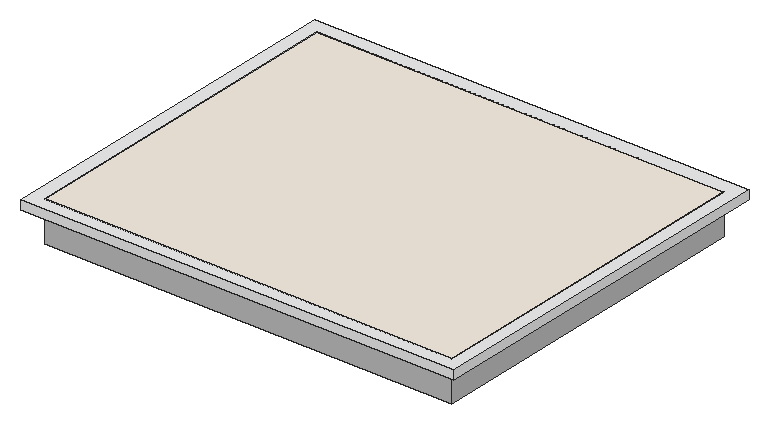
Revit family "Lighting-Industriale-GEWISS-ELIA-HL-LED_RIFLETTORE", category Apparecchi per illuminazione, host Superficie, Revit 2019 (continued)
Types (12, lengths in mm): name | Tensione | Scheda Tecnica | Potenza di sistema | Peso (kg): | Peso (kg) | Ottica | built-in parameter 1150142 | Lumen output (lm) | Modello | IDT | File diagramma fotometrico | Description
    8260.10 8264.93 8269.76 8272.98 8273.79 \r\n8273.79 8272.18 8268.15 8263.32 8256.08 8247.22 8236.76 \r\n8223.88 8209.39 8192.48 8173.97 8153.84 8130.50 8103.93 \r\n8076.56 8045.97 8013.77 7976.74 7938.91 7896.24 7850.36 \r\n7800.45 7745.71 7686.94 7622.54 7553.31 7478.45 7396.34 \r\n7308.59 7215.21 7115.39 7009.94 6898.85 6782.12 6658.15 \r\n6526.13 6379.62 6220.23 6046.35 5865.23 5686.52 5507.00 \r\n5329.10 5152.80 4978.92 4811.48 4649.68 4493.51 4342.17 \r\n4197.27 4062.03 3934.03 3810.87 3692.54 3576.62 3464.72 \r\n3349.61 3236.91 3126.62 3021.17 2921.35 2825.55 2729.76 \r\n2637.18 2547.83 2461.69 2378.78 2299.08 2219.39 2142.91 \r\n2068.05 1996.40 1926.37 1857.94 1790.32 1722.70 1655.08 \r\n1588.02 1522.01 1457.61 1395.63 1335.74 1277.86 1222.80 \r\n1170.95 1122.49 1077.90 1036.12 996.91 959.40 923.01 \r\n887.19 850.64 814.34 779.00 744.06 708.64 674.43 643.68 \r\n613.89 583.06 553.04 525.18 499.10 475.19 452.57 430.43 \r\n409.02 387.85 367.40 348.24 329.89 311.94 294.47 276.60 \r\n259.61 244.64 230.71 217.43 204.71 192.80 181.37 170.02 \r\n158.63 146.47 134.52 123.74 113.52 103.60 94.00 84.60 \r\n75.51 66.82 58.49 50.44 42.83 35.72 29.15 23.15 17.74 \r\n12.84 8.78 5.91 4.00 2.95 2.79 \r\n8062.88 8063.68 8065.29 8066.90 8069.32 8071.73 8075.76 \r\n8080.59 8085.42 8090.25 8096.69 8102.32 8109.57 8116.81 \r\n8125.67 8133.72 8140.96 8150.62 8159.48 8168.33 8177.99 \r\n8186.85 8196.51 8205.36 8214.22 8223.07 8231.93 8239.17 \r\n8246.42 8253.66 8260.10 8264.93 8269.76 8272.18 8274.59 \r\n8274.59 8272.98 8268.96 8264.13 8257.69 8249.64 8238.37 \r\n8227.10 8211.80 8195.70 8177.19 8157.06 8133.72 8108.76 \r\n8080.59 8050.00 8017.80 7982.38 7944.54 7902.68 7856.80 \r\n7807.69 7753.76 7695.80 7632.20 7563.78 7488.91 7408.41 \r\n7320.67 7228.90 7129.08 7023.62 6913.34 6797.42 6675.06 \r\n6541.43 6396.53 6237.94 6064.87 5884.55 5705.03 5524.71 \r\n5346.00 5168.90 4992.61 4820.34 4657.73 4501.56 4347.80 \r\n4202.10 4065.25 3935.64 3811.68 3694.14 3579.03 3466.33 \r\n3351.22 3237.71 3126.62 3019.56 2920.54 2824.74 2728.14 \r\n2633.96 2544.61 2458.47 2376.36 2296.67 2216.97 2140.49 \r\n2066.43 1993.99 1924.76 1857.13 1789.52 1721.90 1654.28 \r\n1587.22 1520.32 1455.04 1392.33 1332.11 1274.88 1220.62 \r\n1169.18 1120.80 1076.12 1034.34 994.90 957.23 920.60 \r\n884.53 848.07 811.84 776.42 741.40 706.23 672.34 641.99 \r\n612.61 581.69 551.67 523.81 497.81 473.98 451.61 429.63 \r\n408.14 386.96 366.52 347.60 329.41 311.62 294.07 276.03 \r\n258.97 244.08 230.39 217.19 204.47 192.56 181.04 169.53 \r\n157.99 145.85 134.01 123.37 113.28 103.37 93.75 84.36 \r\n75.29 66.65 58.37 50.37 42.78 35.69 29.12 23.14 17.73 \r\n12.87 8.82 5.95 4.04 2.97 2.80 \r\n8062.88 8063.68 8065.29 8066.90 8069.32 8071.73 8075.76 \r\n8080.59 8084.61 8090.25 8095.08 8102.32 8108.76 8116.81 \r\n8124.86 8132.91 8140.96 8149.82 8158.67 8168.33 8177.19 \r\n8186.85 8195.70 8205.36 8214.22 8222.27 8230.32 8238.37 \r\n8246.42 8252.86 8259.30 8264.93 8269.76 8272.98 8273.79 \r\n8274.59 8273.79 8269.76 8265.74 8259.30 8250.44 8240.78 \r\n8228.71 8214.22 8198.12 8180.41 8160.28 8137.74 8112.79 \r\n8085.42 8054.83 8022.63 7988.01 7950.18 7909.12 7864.85 \r\n7815.74 7761.81 7704.65 7642.67 7573.44 7500.18 7419.68 \r\n7333.55 7240.97 7141.96 7037.31 6927.83 6812.71 6689.55 \r\n6557.53 6412.63 6255.65 6083.38 5902.26 5721.94 5540.81 \r\n5362.10 5184.20 5004.68 4831.61 4665.78 4507.19 4353.44 \r\n4206.12 4068.47 3938.06 3813.29 3694.14 3579.84 3467.94 \r\n3352.83 3237.71 3125.82 3017.95 2918.93 2823.14 2726.54 \r\n2633.16 2542.99 2456.86 2373.95 2295.06 2215.36 2138.89 \r\n2064.83 1992.38 1923.95 1856.33 1789.52 1721.90 1654.28 \r\n1586.82 1519.12 1452.86 1389.51 1329.06 1272.38 1218.69 \r\n1167.65 1119.51 1074.76 1032.82 993.13 955.21 918.42 \r\n882.12 845.65 809.51 774.01 738.99 703.97 670.32 640.30 \r\n611.24 580.40 550.30 522.45 496.52 472.86 450.56 428.74 \r\n407.41 386.16 365.71 346.87 328.92 311.13 293.58 275.55 \r\n258.41 243.67 230.15 216.87 204.23 192.31 180.72 169.05 \r\n157.37 145.29 133.55 123.04 113.07 103.15 93.50 84.12 \r\n75.08 66.49 58.26 50.30 42.75 35.67 29.12 23.14 17.74 \r\n12.90 8.88 6.00 4.07 3.00 2.81 \r\n8062.88 8063.68 8065.29 8066.90 8069.32 8071.73 8075.76 \r\n8080.59 8084.61 8090.25 8095.08 8101.52 8108.76 8116.81 \r\n8124.06 8132.11 8140.96 8149.01 8157.87 8166.72 8176.38 \r\n8185.24 8195.70 8203.75 8212.61 8221.46 8230.32 8238.37 \r\n8244.81 8252.86 8258.49 8264.13 8268.96 8272.98 8273.79 \r\n8274.59 8273.79 8271.37 8265.74 8260.10 8252.05 8242.39 \r\n8230.32 8216.63 8200.53 8183.63 8164.31 8140.96 8116.01 \r\n8088.64 8058.85 8026.65 7992.84 7955.81 7914.76 7870.48 \r\n7822.18 7769.86 7712.70 7651.52 7583.90 7509.84 7430.15 \r\n7344.82 7253.05 7154.84 7050.99 6941.51 6826.40 6704.04 \r\n6572.82 6428.73 6273.36 6101.09 5920.77 5739.65 5557.72 \r\n5377.40 5198.69 5017.56 4840.46 4673.02 4513.63 4358.27 \r\n4210.15 4070.88 3939.67 3814.09 3694.14 3580.64 3468.75 \r\n3353.63 3237.71 3125.01 3017.14 2917.32 2822.33 2725.73 \r\n2631.55 2541.39 2455.25 2373.14 2293.45 2215.36 2138.89 \r\n2064.02 1992.38 1923.15 1856.33 1789.52 1721.90 1654.28 \r\n1586.82 1518.47 1451.42 1387.42 1326.72 1270.37 1217.32 \r\n1166.61 1118.63 1073.87 1031.69 991.68 953.52 916.33 \r\n879.95 843.48 807.33 771.67 736.58 701.80 668.47 638.69 \r\n609.79 579.12 549.09 521.40 495.40 471.89 449.59 427.86 \r\n406.69 385.35 364.91 346.23 328.36 310.65 293.10 275.07 \r\n257.84 243.19 229.83 216.63 204.07 192.07 180.40 168.65 \r\n156.81 144.80 133.20 122.79 112.89 102.97 93.28 83.91 \r\n74.90 66.35 58.16 50.24 42.72 35.68 29.13 23.14 17.75 \r\n12.94 8.94 6.05 4.11 3.02 2.82 \r\n8062.88 8063.68 8065.29 8066.90 8069.32 8071.73 8075.76 \r\n8080.59 8084.61 8090.25 8095.88 8101.52 8108.76 8116.81 \r\n8124.06 8132.11 8140.16 8149.01 8157.87 8166.72 8174.77 \r\n8185.24 8194.90 8203.75 8211.80 8221.46 8229.51 8237.56 \r\n8244.81 8252.05 8258.49 8263.32 8268.15 8272.18 8273.79 \r\n8274.59 8273.79 8271.37 8265.74 8260.91 8252.86 8242.39 \r\n8231.12 8218.24 8202.14 8186.04 8166.72 8143.38 8119.23 \r\n8091.86 8062.88 8032.29 7997.67 7960.64 7921.20 7876.92 \r\n7829.43 7777.10 7721.56 7659.57 7592.76 7519.50 7440.61 \r\n7355.28 7264.32 7166.91 7063.07 6954.39 6840.08 6718.53 \r\n6588.12 6445.63 6291.07 6120.41 5941.70 5757.36 5572.21 \r\n5390.28 5209.15 5027.22 4848.51 4681.07 4518.46 4362.29 \r\n4212.56 4072.49 3940.47 3814.09 3694.14 3577.42 3464.72 \r\n3348.80 3235.30 3124.21 3017.14 2918.13 2823.14 2727.34 \r\n2634.77 2545.41 2458.47 2375.56 2295.86 2216.97 2140.49 \r\n2066.43 1993.99 1925.56 1857.94 1791.13 1723.51 1655.08 \r\n1587.70 1518.87 1451.66 1388.14 1327.85 1271.10 1217.48 \r\n1166.85 1119.03 1074.11 1031.61 991.20 952.48 915.04 \r\n878.42 841.87 805.72 770.14 735.05 700.35 667.10 637.24 \r\n608.34 577.91 548.12 520.59 494.83 471.09 448.71 426.81 \r\n405.56 384.47 364.10 345.35 327.31 309.52 292.05 274.26 \r\n257.44 242.87 229.51 216.46 203.83 191.83 180.00 168.25 \r\n156.60 144.74 133.26 122.85 112.89 102.90 93.16 83.78 \r\n74.78 66.26 58.11 50.23 42.74 35.71 29.19 23.20 17.79 \r\n12.99 9.00 6.11 4.15 3.05 2.83 \r\n8062.88 8063.68 8065.29 8066.90 8069.32 8072.54 8074.95 \r\n8079.78 8084.61 8089.44 8095.08 8101.52 8107.96 8116.01 \r\n8123.25 8131.30 8140.16 8148.21 8157.06 8165.92 8174.77 \r\n8184.43 8194.09 8202.95 8211.00 8220.66 8228.71 8236.76 \r\n8244.00 8251.25 8257.69 8263.32 8267.35 8271.37 8272.98 \r\n8274.59 8273.79 8271.37 8266.54 8260.91 8253.66 8244.00 \r\n8232.73 8219.05 8203.75 8186.85 8168.33 8146.60 8121.64 \r\n8095.88 8066.90 8036.31 8002.50 7965.47 7926.03 7882.56 \r\n7835.06 7784.35 7728.00 7666.82 7600.81 7528.36 7450.27 \r\n7364.94 7273.98 7177.38 7075.14 6966.47 6851.35 6732.21 \r\n6601.80 6460.93 6307.98 6138.93 5961.02 5775.07 5585.89 \r\n5402.35 5219.62 5035.27 4856.56 4687.51 4524.10 4365.51 \r\n4214.98 4074.10 3941.28 3814.89 3693.34 3575.01 3459.09 \r\n3343.97 3230.47 3121.79 3016.34 2918.13 2823.14 2729.76 \r\n2637.99 2548.63 2462.49 2379.58 2299.89 2220.19 2143.72 \r\n2068.85 1997.21 1927.98 1861.16 1792.74 1725.12 1656.69 \r\n1588.75 1519.84 1452.54 1389.51 1329.62 1272.22 1217.97 \r\n1167.41 1119.84 1074.76 1031.93 990.96 951.75 914.00 \r\n877.21 840.58 804.44 768.78 733.76 699.14 665.98 635.87 \r\n606.73 576.70 547.40 520.11 494.43 470.44 447.66 425.76 \r\n404.59 383.58 363.30 344.38 326.27 308.40 290.85 273.54 \r\n257.04 242.63 229.18 216.22 203.67 191.59 179.68 168.00 \r\n156.46 144.77 133.43 122.99 112.94 102.88 93.09 83.69 \r\n74.69 66.20 58.07 50.22 42.75 35.76 29.25 23.25 17.84 \r\n13.05 9.07 6.17 4.19 3.08 2.85 \r\n8062.88 8063.68 8065.29 8066.90 8069.32 8072.54 8075.76 \r\n8079.78 8083.81 8089.44 8095.08 8100.71 8107.96 8115.20 \r\n8123.25 8131.30 8139.35 8147.40 8156.26 8165.11 8173.97 \r\n8183.63 8193.29 8201.34 8210.19 8219.85 8227.90 8235.95 \r\n8244.00 8250.44 8256.88 8262.52 8266.54 8270.57 8272.18 \r\n8273.79 8272.98 8270.57 8266.54 8260.91 8253.66 8244.00 \r\n8233.54 8220.66 8205.36 8188.46 8169.94 8149.01 8124.86 \r\n8098.30 8070.93 8040.34 8006.53 7971.11 7931.66 7888.19 \r\n7841.50 7790.79 7735.24 7674.87 7608.05 7536.41 7459.13 \r\n7375.41 7284.44 7188.65 7085.61 6977.74 6862.62 6743.48 \r\n6615.49 6475.42 6324.08 6156.64 5979.54 5791.17 5599.58 \r\n5412.82 5228.47 5044.13 4863.81 4693.15 4528.93 4368.73 \r\n4216.59 4075.71 3942.08 3814.89 3692.54 3571.79 3453.45 \r\n3338.34 3226.44 3119.38 3017.14 2918.13 2823.94 2732.17 \r\n2641.21 2552.66 2467.33 2384.41 2303.11 2223.41 2146.13 \r\n2072.07 2000.43 1931.20 1863.58 1795.15 1726.73 1658.30 \r\n1590.20 1520.97 1453.67 1391.28 1331.71 1273.75 1218.85 \r\n1168.30 1120.88 1075.64 1032.49 990.96 951.19 913.27 \r\n876.32 839.53 803.39 767.65 732.63 698.02 664.93 634.50 \r\n605.28 575.58 546.76 519.79 494.19 469.96 446.86 424.80 \r\n403.55 382.78 362.65 343.57 325.22 307.27 289.88 272.81 \r\n256.80 242.39 229.02 215.98 203.50 191.27 179.35 167.76 \r\n156.40 144.90 133.69 123.18 113.01 102.87 93.03 83.62 \r\n74.62 66.15 58.05 50.22 42.77 35.81 29.32 23.30 17.89 \r\n13.11 9.14 6.23 4.24 3.11 2.86 \r\n8062.88 8063.68 8065.29 8066.90 8069.32 8072.54 8075.76 \r\n8079.78 8083.81 8089.44 8095.08 8101.52 8107.15 8115.20 \r\n8122.45 8130.50 8138.55 8147.40 8155.45 8164.31 8173.16 \r\n8182.02 8192.48 8200.53 8210.19 8218.24 8227.10 8235.15 \r\n8243.20 8249.64 8256.08 8261.71 8266.54 8269.76 8272.18 \r\n8272.98 8272.18 8269.76 8266.54 8260.91 8254.47 8244.81 \r\n8234.34 8220.66 8206.17 8190.07 8171.55 8150.62 8127.28 \r\n8101.52 8073.34 8042.75 8010.55 7975.13 7936.49 7893.83 \r\n7847.14 7797.23 7741.68 7681.31 7614.49 7544.46 7467.98 \r\n7384.26 7293.30 7197.50 7095.27 6987.40 6873.09 6753.95 \r\n6627.56 6489.10 6338.57 6173.54 5997.25 5806.46 5610.85 \r\n5422.48 5236.52 5051.37 4870.25 4697.17 4532.15 4371.15 \r\n4218.20 4077.32 3943.69 3815.70 3691.73 3568.57 3448.62 \r\n3333.51 3223.22 3117.77 3017.14 2918.93 2824.74 2733.78 \r\n2645.23 2556.68 2471.35 2388.43 2307.13 2227.43 2149.35 \r\n2075.29 2003.65 1934.42 1866.80 1796.76 1728.34 1659.91 \r\n1591.57 1522.42 1455.20 1393.21 1333.97 1275.44 1219.74 \r\n1169.26 1121.93 1076.61 1033.14 991.20 950.95 912.63 \r\n875.60 838.73 802.50 766.76 731.75 697.13 663.88 633.21 \r\n603.83 574.53 546.11 519.47 494.11 469.56 446.13 423.91 \r\n402.74 382.13 362.09 342.93 324.33 306.30 288.91 272.33 \r\n256.71 242.39 228.86 215.90 203.42 191.11 179.11 167.68 \r\n156.41 145.10 134.01 123.41 113.11 102.89 92.99 83.56 \r\n74.58 66.11 58.02 50.22 42.79 35.85 29.37 23.35 17.92 \r\n13.16 9.21 6.29 4.28 3.13 2.88 \r\n8062.88 8063.68 8065.29 8066.90 8068.51 8071.73 8075.76 \r\n8078.98 8083.81 8088.64 8094.27 8100.71 8107.15 8114.40 \r\n8122.45 8129.69 8138.55 8146.60 8154.65 8163.50 8172.36 \r\n8181.21 8190.87 8200.53 8209.39 8217.44 8226.29 8234.34 \r\n8242.39 8248.83 8255.27 8261.71 8265.74 8268.96 8271.37 \r\n8272.18 8271.37 8269.76 8265.74 8260.91 8253.66 8244.81 \r\n8234.34 8222.27 8207.78 8191.68 8173.16 8153.04 8129.69 \r\n8103.93 8076.56 8046.78 8013.77 7979.16 7940.52 7897.85 \r\n7851.97 7802.06 7747.32 7686.94 7621.74 7550.90 7475.23 \r\n7391.51 7302.15 7205.55 7104.12 6996.25 6881.94 6764.41 \r\n6638.03 6501.18 6351.45 6188.84 6013.35 5820.95 5622.92 \r\n5431.33 5242.96 5056.20 4875.08 4702.00 4535.37 4373.56 \r\n4220.61 4078.13 3945.30 3815.70 3690.93 3565.35 3444.60 \r\n3329.48 3219.20 3116.16 3017.14 2918.93 2825.55 2735.39 \r\n2648.45 2560.71 2475.38 2392.46 2311.16 2230.66 2152.57 \r\n2078.51 2006.06 1936.83 1868.41 1799.98 1730.75 1661.52 \r\n1593.01 1523.87 1456.81 1395.15 1336.06 1276.97 1220.70 \r\n1170.31 1123.14 1077.65 1033.94 991.52 950.79 912.39 \r\n875.12 838.17 801.86 766.04 730.94 696.33 663.00 632.01 \r\n602.46 573.48 545.71 519.47 494.11 469.23 445.41 423.19 \r\n402.10 381.57 361.77 342.37 323.61 305.58 288.27 272.01 \r\n256.80 242.55 228.86 215.82 203.34 190.87 178.87 167.52 \r\n156.49 145.35 134.37 123.67 113.22 102.91 92.95 83.52 \r\n74.55 66.08 58.01 50.21 42.81 35.89 29.42 23.39 17.94 \r\n13.20 9.27 6.34 4.31 3.16 2.89 \r\n8062.88 8063.68 8065.29 8066.90 8068.51 8071.73 8075.76 \r\n8078.98 8083.81 8088.64 8095.08 8100.71 8107.15 8114.40 \r\n8121.64 8130.50 8138.55 8146.60 8154.65 8163.50 8171.55 \r\n8181.21 8190.07 8199.73 8207.78 8217.44 8226.29 8234.34 \r\n8241.59 8248.83 8254.47 8260.91 8264.93 8268.15 8270.57 \r\n8272.18 8271.37 8269.76 8265.74 8260.91 8253.66 8244.81 \r\n8234.34 8222.27 8208.58 8192.48 8173.97 8153.84 8132.11 \r\n8106.35 8078.98 8049.19 8016.99 7982.38 7943.74 7901.88 \r\n7855.99 7806.89 7752.15 7691.77 7627.37 7557.34 7482.47 \r\n7398.75 7308.59 7212.80 7111.37 7004.30 6889.99 6773.27 \r\n6647.69 6510.03 6362.72 6202.52 6027.84 5833.83 5632.58 \r\n5439.38 5248.60 5061.84 4879.91 4705.22 4537.78 4375.98 \r\n4222.22 4080.54 3946.91 3817.31 3690.93 3563.74 3440.57 \r\n3326.26 3216.78 3115.35 3017.14 2919.74 2825.55 2736.20 \r\n2650.87 2563.93 2478.60 2395.68 2314.38 2233.88 2154.99 \r\n2080.93 2009.28 1940.05 1870.82 1801.59 1732.36 1663.13 \r\n1594.46 1525.39 1458.34 1396.76 1337.75 1278.10 1221.51 \r\n1171.11 1124.18 1078.54 1034.67 991.92 950.87 912.23 \r\n874.87 837.92 801.46 765.56 730.38 695.60 662.19 630.88 \r\n601.09 572.60 545.39 519.39 494.11 469.07 444.84 422.63 \r\n401.53 381.17 361.53 342.04 323.13 305.01 287.79 271.93 \r\n257.12 242.71 228.94 215.90 203.18 190.70 178.71 167.52 \r\n156.63 145.65 134.75 123.95 113.32 102.94 92.94 83.50 \r\n74.54 66.07 57.98 50.19 42.79 35.90 29.45 23.41 17.94 \r\n13.22 9.32 6.38 4.34 3.17 2.90 \r\n8062.88 8063.68 8065.29 8066.90 8068.51 8071.73 8074.95 \r\n8079.78 8083.81 8088.64 8094.27 8099.91 8106.35 8113.59 \r\n8121.64 8129.69 8137.74 8145.79 8154.65 8162.70 8172.36 \r\n8180.41 8190.07 8198.92 8208.58 8216.63 8225.49 8233.54 \r\n8241.59 8248.03 8254.47 8260.10 8264.93 8268.15 8270.57 \r\n8271.37 8271.37 8268.96 8265.74 8260.91 8254.47 8245.61 \r\n8235.95 8223.07 8209.39 8194.09 8175.58 8155.45 8133.72 \r\n8108.76 8080.59 8051.61 8020.21 7984.79 7946.96 7904.29 \r\n7860.02 7810.11 7756.98 7697.41 7632.20 7563.78 7488.11 \r\n7405.19 7315.03 7220.04 7117.81 7009.94 6896.43 6778.10 \r\n6652.52 6517.28 6369.96 6210.57 6037.50 5843.49 5643.05 \r\n5447.43 5254.23 5065.06 4882.32 4706.83 4537.78 4376.78 \r\n4225.44 4084.57 3950.13 3819.73 3692.54 3566.15 3443.79 \r\n3328.68 3219.20 3116.16 3016.34 2918.93 2823.94 2734.59 \r\n2647.64 2561.51 2476.18 2394.07 2312.77 2233.07 2154.99 \r\n2080.93 2009.28 1939.25 1870.02 1801.59 1732.36 1663.93 \r\n1595.03 1526.04 1458.90 1395.95 1335.74 1276.65 1220.70 \r\n1170.71 1124.02 1078.54 1034.75 992.08 951.03 912.39 \r\n875.04 838.09 801.70 765.47 729.81 694.80 660.99 629.59 \r\n599.81 571.79 545.07 519.31 494.27 469.07 444.84 422.71 \r\n401.78 381.65 362.09 342.69 323.93 305.90 288.75 273.06 \r\n258.24 243.59 229.43 216.14 203.26 190.87 178.87 167.68 \r\n156.90 145.99 135.10 124.13 113.34 102.93 92.92 83.51 \r\n74.56 66.03 57.90 50.10 42.70 35.81 29.37 23.31 17.85 \r\n13.18 9.33 6.39 4.34 3.17 2.89 \r\n8062.88 8064.49 8065.29 8066.90 8069.32 8071.73 8075.76 \r\n8079.78 8083.81 8088.64 8094.27 8100.71 8106.35 8113.59 \r\n8120.84 8128.89 8137.74 8145.79 8153.84 8162.70 8171.55 \r\n8181.21 8189.26 8198.92 8207.78 8215.83 8224.68 8232.73 \r\n8240.78 8248.03 8253.66 8260.10 8264.13 8267.35 8270.57 \r\n8270.57 8271.37 8269.76 8265.74 8260.91 8254.47 8245.61 \r\n8235.95 8223.88 8209.39 8194.09 8177.19 8157.87 8134.52 \r\n8109.57 8083.00 8053.22 8021.82 7987.21 7948.57 7907.51 \r\n7862.43 7813.33 7760.20 7700.63 7637.03 7567.80 7492.13 \r\n7410.02 7320.67 7224.87 7123.44 7014.77 6900.46 6782.12 \r\n6656.54 6521.30 6375.60 6217.01 6044.74 5852.35 5651.10 \r\n5453.87 5258
